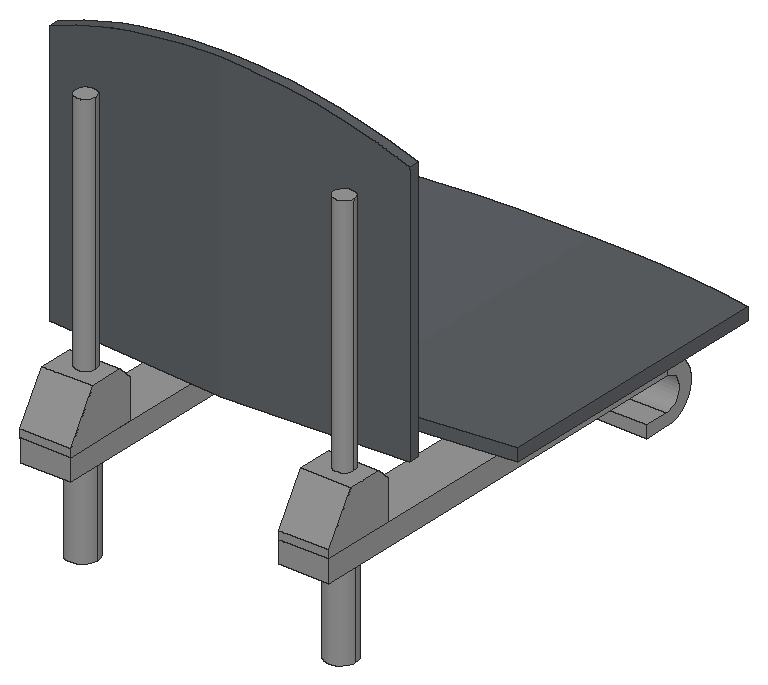
Revit family "KEUCO_34981010037", category Allgemeines Modell, Revit 2016
Family settings
  Teiletyp = Normal
  Kann Basisbauteil für Bewehrung sein = Nein
  Bemaßung runder Anschluss = Durchmesser verwenden
  Arbeitsebenenbasiert = Ja
  Immer vertikal = Nein
  Beim Laden mit Abzugskörper schneiden = Nein
  Gemeinsam genutzt = Nein
  Raumberechnungspunkt = Nein
Parameters (values of type "34981170051")
  Verwendung = "CA / DU"  # constant formula
  URL = "https://www.keuco.com/de/produkte/sortiment/artikel/?pid=34981&oid=1&pgo=18&country=de&lang=de&vid=34981170051"
  Preisgruppe = ""
  Materialien bei Hersteller anfragen = "Anfrage zu:  objektmanagement@keuco.de"
  Material = Schwarzgrau
  Kategorie = ""
  Gewicht = 0
  Beschreibung = "zum Einhängen in Haltegriffe\r\nsowie Dusch- und Wannenhandläufe,\r\nSitzfläche nach oben klappbar,\r\nRückenlehne abnehmbar"
  Default Elevation = 1219.2 mm
  Serie = "Plan"  # constant formula
  Material Stahl = Aluminium 1100-H18
  Hersteller = "KEUCO"  # constant formula
  Assembly Code = ""
  Ausschreibungstext = "KEUCO PLAN CARE Klappsitz 34981170051\r\nweißer (RAL 9010) Klappsitz \r\naus Polypropylen \r\nin ästhetischem, funktionalem Design, \r\nzum Einhängen in Haltegriffe und Duschhandläufe\r\nfür sicheres Sitzen im Duschbereich,\r\nSitzträger als Design-Element aus\r\nsilber-eloxiertem Aluminium (E6 EV1),\r\nantistatisch, leichte Reinigung,\r\nmaterialschonende Aufhängung \r\ndurch integrierte Kunststoffschalen \r\nzum Haltegriff / Handlauf \r\nund Kunststoffpuffer zur Wandfliese,\r\nnach oben klappbarer Sitz belastbar bis 110 kg,\r\nBreite 362 mm, Länge der Sitzfläche 310 mm\r\nAusladung 489 mm\r\n\r\nZur Komplettierung des Artikels unbedingt\r\nerforderlich:\r\nArtikel aus dem Stangensystem Plan Care\r\n(Artikel-Nr. 34901 - 34915)"
  Artikelnummer = "34981170051"
Types (6, lengths in mm): name | URL | Materialien bei Hersteller anfragen | Material | Material Stahl | Ausschreibungstext | Artikelnummer
  34981010037 | "https://www.keuco.com/de/produkte/sortiment/artikel/?pid=34981&oid=1&pgo=18&country=de&lang=de&vid=34981010037" | "Request to:  objektmanagement@keuco.de" | Schwarzgrau | Stahl, verchromt | "KEUCO PLAN CARE Klappsitz 34981010037\r\nschwarzgrauer (RAL 7021) Klappsitz \r\naus Polypropylen \r\nin ästhetischem, funktionalem Design, \r\nzum Einhängen in Haltegriffe und Duschhandläufe\r\nfür sicheres Sitzen im Duschbereich,\r\nSitzträger als Design-Element hochglanzverchromt,\r\nantistatisch, leichte Reinigung,\r\nMaterialschonende Aufhängung \r\ndurch integrierte Kunststoffschalen \r\nzum Haltegriff / Handlauf \r\nund Kunststoffpuffer zur Wandfliese,\r\nnach oben klappbarer Sitz belastbar bis 110 kg,\r\nBreite 362 mm, Länge der Sitzfläche 310 mm\r\nAusladung 489 mm\r\n\r\nZur Komplettierung des Artikels unbedingt\r\nerforderlich:\r\nArtikel aus dem Stangensystem Plan Care\r\n(Artikel-Nr. 34901 - 34915)" | "34981010037"
  34981010038 | "https://www.keuco.com/de/produkte/sortiment/artikel/?pid=34981&oid=1&pgo=18&country=de&lang=de&vid=34981010038" | "Request to:  objektmanagement@keuco.de" | Lichtgrau (RAL 7035) | Stahl, verchromt | "KEUCO PLAN CARE Klappsitz 34981010038\r\nlichtgrauer (RAL 7035) Klappsitz \r\naus Polypropylen \r\nin ästhetischem, funktionalem Design, \r\nzum Einhängen in Haltegriffe und Duschhandläufe\r\nfür sicheres Sitzen im Duschbereich,\r\nSitzträger als Design-Element hochglanzverchromt,\r\nantistatisch, leichte Reinigung,\r\nMaterialschonende Aufhängung \r\ndurch integrierte Kunststoffschalen \r\nzum Haltegriff / Handlauf \r\nund Kunststoffpuffer zur Wandfliese,\r\nnach oben klappbarer Sitz belastbar bis 110 kg,\r\nBreite 362 mm, Länge der Sitzfläche 310 mm\r\nAusladung 489 mm\r\n\r\nZur Komplettierung des Artikels unbedingt\r\nerforderlich:\r\nArtikel aus dem Stangensystem Plan Care\r\n(Artikel-Nr. 34901 - 34915)" | "34981010038"
  34981010051 | "https://www.keuco.com/de/produkte/sortiment/artikel/?pid=34981&oid=1&pgo=18&country=de&lang=de&vid=34981010051" | "Request to:  objektmanagement@keuco.de" | Weiß (RAL 9010) | Stahl, verchromt | "KEUCO PLAN CARE Klappsitz 34981010051\r\nweißer (RAL 9010) Klappsitz \r\naus Polypropylen \r\nin ästhetischem, funktionalem Design, \r\nzum Einhängen in Haltegriffe und Duschhandläufe\r\nfür sicheres Sitzen im Duschbereich,\r\nSitzträger als Design-Element hochglanzverchromt,\r\nantistatisch, leichte Reinigung,\r\nMaterialschonende Aufhängung \r\ndurch integrierte Kunststoffschalen \r\nzum Haltegriff / Handlauf \r\nund Kunststoffpuffer zur Wandfliese,\r\nnach oben klappbarer Sitz belastbar bis 110 kg,\r\nBreite 362 mm, Länge der Sitzfläche 310 mm\r\nAusladung 489 mm\r\n\r\nZur Komplettierung des Artikels unbedingt\r\nerforderlich:\r\nArtikel aus dem Stangensystem Plan Care\r\n(Artikel-Nr. 34901 - 34915)" | "34981010051"
  34981170037 | "https://www.keuco.com/de/produkte/sortiment/artikel/?pid=34981&oid=1&pgo=18&country=de&lang=de&vid=34981170037" | "Request to:  objektmanagement@keuco.de" | Schwarzgrau | Aluminium 1100-H18 | "KEUCO PLAN CARE Klappsitz 34981170037\r\nschwarzgrauer (RAL 7021) Klappsitz \r\naus Polypropylen \r\nin ästhetischem, funktionalem Design, \r\nzum Einhängen in Haltegriffe und Duschhandläufe\r\nfür sicheres Sitzen im Duschbereich,\r\nSitzträger als Design-Element aus\r\nsilber-eloxiertem Aluminium (E6 EV1),\r\nantistatisch, leichte Reinigung,\r\nmaterialschonende Aufhängung \r\ndurch integrierte Kunststoffschalen \r\nzum Haltegriff / Handlauf \r\nund Kunststoffpuffer zur Wandfliese,\r\nnach oben klappbarer Sitz belastbar bis 110 kg,\r\nBreite 362 mm, Länge der Sitzfläche 310 mm\r\nAusladung 489 mm\r\n\r\nZur Komplettierung des Artikels unbedingt\r\nerforderlich:\r\nArtikel aus dem Stangensystem Plan Care\r\n(Artikel-Nr. 34901 - 34915)" | "34981170037"
  34981170038 | "https://www.keuco.com/de/produkte/sortiment/artikel/?pid=34981&oid=1&pgo=18&country=de&lang=de&vid=34981170038" | "Request to:  objektmanagement@keuco.de" | Lichtgrau (RAL 7035) | Aluminium 1100-H18 | "KEUCO PLAN CARE Klappsitz 34981170038\r\nlichtgrauer (RAL 7035) Klappsitz \r\naus Polypropylen \r\nin ästhetischem, funktionalem Design, \r\nzum Einhängen in Haltegriffe und Duschhandläufe\r\nfür sicheres Sitzen im Duschbereich,\r\nSitzträger als Design-Element aus\r\nsilber-eloxiertem Aluminium (E6 EV1),\r\nantistatisch, leichte Reinigung,\r\nmaterialschonende Aufhängung \r\ndurch integrierte Kunststoffschalen \r\nzum Haltegriff / Handlauf \r\nund Kunststoffpuffer zur Wandfliese,\r\nnach oben klappbarer Sitz belastbar bis 110 kg,\r\nBreite 362 mm, Länge der Sitzfläche 310 mm\r\nAusladung 489 mm\r\n\r\nZur Komplettierung des Artikels unbedingt\r\nerforderlich:\r\nArtikel aus dem Stangensystem Plan Care\r\n(Artikel-Nr. 34901 - 34915)" | "34981170038"
  34981170051 | "https://www.keuco.com/de/produkte/sortiment/artikel/?pid=34981&oid=1&pgo=18&country=de&lang=de&vid=34981170051" | "Anfrage zu:  objektmanagement@keuco.de" | Schwarzgrau | Aluminium 1100-H18 | "KEUCO PLAN CARE Klappsitz 34981170051\r\nweißer (RAL 9010) Klappsitz \r\naus Polypropylen \r\nin ästhetischem, funktionalem Design, \r\nzum Einhängen in Haltegriffe und Duschhandläufe\r\nfür sicheres Sitzen im Duschbereich,\r\nSitzträger als Design-Element aus\r\nsilber-eloxiertem Aluminium (E6 EV1),\r\nantistatisch, leichte Reinigung,\r\nmaterialschonende Aufhängung \r\ndurch integrierte Kunststoffschalen \r\nzum Haltegriff / Handlauf \r\nund Kunststoffpuffer zur Wandfliese,\r\nnach oben klappbarer Sitz belastbar bis 110 kg,\r\nBreite 362 mm, Länge der Sitzfläche 310 mm\r\nAusladung 489 mm\r\n\r\nZur Komplettierung des Artikels unbedingt\r\nerforderlich:\r\nArtikel aus dem Stangensystem Plan Care\r\n(Artikel-Nr. 34901 - 34915)" | "34981170051"
Reference planes
  plane 1 "Center (Front/Back)": y = 0
  plane 2: z = 0
  plane 3 "Center (Left/Right)": x = 0
  plane 4: x = -155
  plane 5: x = 155
  plane 6: x = -130
  plane 7: x = 130
  plane 8: z = 116.982
  plane 9: y = 425
  plane 10: z = 75
  plane 11: z = 489
  plane 12: z = 95
  plane 13: x = -104.616
  plane 14: x = 104.616
  plane 15: x = -181
  plane 16: x = 181
Forms (mm)
  Extrusion 1, solid, material "Aluminium 1100-H18" <- "Material Stahl"
    sketch origin (0, 50, 0) x (1, 0, 0) y (0, 1, 0)
      loop
        circle (-130, -3.146) r 15
    from 0 to 95
  Extrusion 2, solid, material "Aluminium 1100-H18" <- "Material Stahl"
    sketch origin (0, 50, 0) x (-1, 0, 0) y (0, -1, 0)
      loop
        circle (-130, 3.146) r 15
    from 0 to 95
  Extrusion 3, solid, material "Aluminium 1100-H18" <- "Material Stahl"
    sketch origin (0, 0, 0) x (1, 0, 0) y (0, 0, 1)
      loop
        line (-104.616, 95) -> (-104.616, 116.982) -> (-155, 116.982) -> (-155, 95) -> (-104.616, 95)
    from -425 to 0
  Extrusion 4, solid, material "Aluminium 1100-H18" <- "Material Stahl"
    sketch origin (0, 0, 0) x (0, 1, 0) y (0, 0, 1)
      loop
        line (425, 61.897) -> (400, 61.897) -> (400, 50) -> (425, 50)
        arc (425, 50) -> (455, 80) -> (425, 110) r 30
        line (425, 110) -> (425, 95)
        arc (425, 95) -> (441.551, 78.449) -> (425, 61.897) r 16.551
    from -155 to -104.616
  Extrusion 5, solid, material "Aluminium 1100-H18" <- "Material Stahl"
    sketch origin (0, 0, 0) x (0, 1, 0) y (0, 0, 1)
      loop
        line (75, 116.982) -> (75, 156.982) -> (62.637, 169.345) -> (27.637, 169.345) -> (0, 125.117) -> (0, 116.982) -> (75, 116.982)
    from -155 to -104.616
  Extrusion 6, solid, material "Aluminium 1100-H18" <- "Material Stahl"
    sketch origin (0, 0, 0) x (0, 1, 0) y (0, 0, -1)
      loop
        arc (425, -61.897) -> (441.551, -78.449) -> (425, -95) r 16.551
        line (425, -95) -> (425, -110)
        arc (425, -110) -> (455, -80) -> (425, -50) r 30
        line (425, -50) -> (400, -50) -> (400, -61.897) -> (425, -61.897)
    from -155 to -104.616
  Extrusion 7, solid, material "Aluminium 1100-H18" <- "Material Stahl"
    sketch origin (0, 0, 0) x (0, 1, 0) y (0, 0, -1)
      loop
        line (75, -116.982) -> (0, -116.982) -> (0, -125.117) -> (27.637, -169.345) -> (62.637, -169.345) -> (75, -156.982) -> (75, -116.982)
    from -155 to -104.616
  Extrusion 8, solid, material "Aluminium 1100-H18" <- "Material Stahl"
    sketch origin (0, 0, 0) x (-1, 0, 0) y (0, 0, -1)
      loop
        line (-104.616, -95) -> (-155, -95) -> (-155, -116.982) -> (-104.616, -116.982) -> (-104.616, -95)
    from -425 to 0
  Extrusion 9, solid, material "Aluminium 1100-H18" <- "Material Stahl"
    sketch origin (0, 5, 0) x (1, 0, 0) y (0, 1, 0)
      loop
        circle (-130, 45.876) r 10
    from 169.345 to 413.898
  Extrusion 10, solid, material "Aluminium 1100-H18" <- "Material Stahl"
    sketch origin (0, 5, 0) x (-1, 0, 0) y (0, -1, 0)
      loop
        circle (-130, -45.876) r 10
    from 169.345 to 413.898
  Extrusion 11, solid, material "Schwarzgrau" <- "Material"
    sketch origin (-3.102, 0, -82.579) x (1, 0, 0) y (0, 0, 1)
      loop
        arc (-177.898, 204.476) -> (3.163, 192.836) -> (184.102, 206.247) r 1314.11
        line (184.102, 206.247) -> (184.102, 219.003)
        arc (184.102, 219.003) -> (3.167, 205.004) -> (-177.898, 217.204) r 1257.002
        line (-177.898, 217.204) -> (-177.898, 204.476)
    from -525.073 to -205
  Extrusion 12, void
    sketch origin (0, 0, 0) x (1, 0, 0) y (0, 1, 0)
      loop
        line (181, 495) -> (199.795, 495) -> (199.795, 550) -> (-196, 550) -> (-196, 495) -> (-181, 495)
        arc (-181, 495) -> (0, 525.073) -> (181, 495) r 559.724
    from 0 to 250
  Extrusion 13, solid, material "Schwarzgrau" <- "Material"
    sketch origin (0, 0, 0) x (1, 0, 0) y (0, 1, 0)
      loop
        arc (-181, 70) -> (0, 58.136) -> (181, 70) r 1386.663
        line (181, 70) -> (181, 80)
        arc (181, 80) -> (0, 67.857) -> (-181, 80) r 1355.059
        line (-181, 80) -> (-181, 70)
    from 182.75 to 489
  Extrusion 14, void
    sketch origin (0, 0, 0) x (1, 0, 0) y (0, 0, 1)
      loop
        arc (-181, 449) -> (0, 489) -> (181, 449) r 429.512
        line (181, 449) -> (196, 449) -> (196, 514) -> (-194, 514) -> (-194, 449) -> (-181, 449)
    from -106.405 to -27.637
Cuts and joins
  Extrusion 12 cuts Extrusion 11
  Extrusion 14 cuts Extrusion 13
Dimensions and locks
  equal spacing: plane 5, plane 3 "Center (Left/Right)", plane 4
  locked: plane 6 to plane 4 at 25
  locked: plane 5 to plane 7 at 25
  plane 9 to plane 1 "Center (Front/Back)" = 425 mm  (x2)
  plane 10 to plane 2 = 75 mm
  plane 10 to plane 11 = 414 mm
  locked: plane 10 to plane 12 at 20
  plane 5 to plane 14 to plane 13 to plane 4 = 50.384 mm locked, 209.232 mm, 50.384 mm locked
  locked: plane 16 to plane 5 at 26
  locked: plane 4 to plane 15 at 26
  plane 16 to plane 15 = 362 mm
  plane 3 "Center (Left/Right)" to plane 15 = 181 mm
  aligned and locked: level to plane 2
  aligned and locked: Extrusion 1 to plane 12
  aligned and locked: plane 9 to Extrusion 3
  aligned and locked: plane 1 "Center (Front/Back)" to Extrusion 3
  aligned and locked: plane 8 to Extrusion 3
  aligned and locked: Extrusion 3 to Extrusion 1
  aligned and locked: plane 13 to Extrusion 3
  aligned and locked: Extrusion 5 to plane 4
  aligned and locked: Extrusion 5 to plane 13
  aligned and locked: Extrusion 4 to plane 4
  aligned and locked: Extrusion 4 to plane 13
  aligned and locked: plane 14 to Extrusion 7  (x2)
  aligned and locked: plane 14 to Extrusion 6  (x2)
  aligned and locked: plane 5 to Extrusion 7
  aligned and locked: plane 5 to Extrusion 6
  aligned and locked: Extrusion 6 to plane 14
  aligned and locked: plane 8 to Extrusion 8
  aligned and locked: plane 12 to Extrusion 8
  aligned and locked: plane 5 to Extrusion 8
  aligned and locked: Extrusion 8 to plane 14
  aligned and locked: Extrusion 9 to Extrusion 5
  aligned and locked: Extrusion 10 to Extrusion 7
  aligned and locked: Extrusion 11 to plane 15
  aligned and locked: plane 16 to Extrusion 11
  aligned and locked: Extrusion 13 to plane 15
  aligned and locked: Extrusion 13 to plane 11
  aligned and locked: Extrusion 13 to plane 16
Automatic sketch dimensions
  Extrusion 1 sketch curve to plane 6 = 0 mm
  Extrusion 1 sketch curve to plane 1 "Center (Front/Back)" = 46.854 mm
  Extrusion 2 sketch curve to plane 7 = 0 mm
  plane 1 "Center (Front/Back)" to Extrusion 2 sketch curve = 46.854 mm
  Extrusion 3 sketch curve to plane 4 = 0 mm
  Extrusion 3 sketch curve to plane 8 = 0 mm
  plane 13 to Extrusion 3 sketch curve = 0 mm
  Extrusion 3 sketch curve to plane 12 = 0 mm
  Extrusion 4 sketch curve to plane 9 = 0 mm
  plane 12 to Extrusion 4 sketch curve = 0 mm
  Extrusion 4 sketch curve to Extrusion 4 sketch curve = 25 mm
  Extrusion 4 sketch curve to plane 10 = 5 mm
  Extrusion 4 sketch curve to Extrusion 4 sketch curve = 1.551 mm
  Extrusion 4 sketch curve to Extrusion 4 sketch curve = 11.897 mm
  Extrusion 5 sketch curve to plane 1 "Center (Front/Back)" = 0 mm
  plane 8 to Extrusion 5 sketch curve = 0 mm
  Extrusion 5 sketch curve to plane 1 "Center (Front/Back)" = 27.637 mm
  Extrusion 5 sketch curve to Extrusion 5 sketch curve = 35 mm
  Extrusion 5 sketch curve to Extrusion 5 sketch curve = 12.363 mm  (x2)
  Extrusion 5 sketch curve to Extrusion 5 sketch curve = 8.136 mm
  Extrusion 5 sketch curve to Extrusion 5 sketch curve = 40 mm
  Extrusion 6 sketch curve to plane 9 = 0 mm
  plane 12 to Extrusion 6 sketch curve = 0 mm
  Extrusion 6 sketch curve to Extrusion 6 sketch curve = 25 mm
  Extrusion 6 sketch curve to plane 8 = 6.982 mm
  Extrusion 6 sketch curve to plane 10 = 5 mm
  Extrusion 6 sketch curve to Extrusion 6 sketch curve = 1.551 mm
  Extrusion 7 sketch curve to plane 1 "Center (Front/Back)" = 0 mm
  Extrusion 7 sketch curve to plane 8 = 0 mm
  Extrusion 7 sketch curve to plane 1 "Center (Front/Back)" = 27.637 mm
  Extrusion 7 sketch curve to Extrusion 7 sketch curve = 35 mm
  Extrusion 7 sketch curve to Extrusion 7 sketch curve = 12.363 mm  (x2)
  Extrusion 7 sketch curve to Extrusion 7 sketch curve = 8.136 mm
  Extrusion 7 sketch curve to Extrusion 7 sketch curve = 40 mm
  Extrusion 8 sketch curve to plane 5 = 0 mm
  Extrusion 8 sketch curve to plane 8 = 0 mm
  Extrusion 8 sketch curve to plane 14 = 0 mm
  Extrusion 8 sketch curve to plane 12 = 0 mm
  Extrusion 9 sketch curve to plane 6 = 0 mm
  Extrusion 9 sketch curve to plane 1 "Center (Front/Back)" = 50.876 mm
  Extrusion 10 sketch curve to plane 7 = 0 mm
  plane 1 "Center (Front/Back)" to Extrusion 10 sketch curve = 50.876 mm
  plane 15 to Extrusion 11 sketch curve = 0 mm
  plane 15 to Extrusion 11 sketch curve = 174.632 mm
  Extrusion 11 sketch curve to Extrusion 11 sketch curve = 0.185 mm
  plane 15 to Extrusion 11 sketch curve = 362 mm
  plane 11 to Extrusion 11 sketch curve = 367.104 mm
  Extrusion 11 sketch curve to Extrusion 11 sketch curve = 1.771 mm
  Extrusion 11 sketch curve to Extrusion 11 sketch curve = 12.728 mm
  Extrusion 11 sketch curve to Extrusion 11 sketch curve = 12.756 mm
  Extrusion 12 sketch curve to plane 15 = 0 mm
  Extrusion 12 sketch curve to plane 3 "Center (Left/Right)" = 0 mm
  Extrusion 12 sketch curve to plane 16 = 0 mm
  Extrusion 12 sketch curve to plane 15 = 15 mm
  plane 16 to Extrusion 12 sketch curve = 18.795 mm
  plane 1 "Center (Front/Back)" to Extrusion 12 sketch curve = 34.65 mm
  plane 9 to Extrusion 12 sketch curve = 70 mm
  Extrusion 12 sketch curve to Extrusion 12 sketch curve = 55 mm
  Extrusion 13 sketch curve to plane 15 = 0 mm
  Extrusion 13 sketch curve to plane 3 "Center (Left/Right)" = 0 mm  (x2)
  Extrusion 13 sketch curve to plane 16 = 0 mm
  Extrusion 13 sketch curve to plane 1 "Center (Front/Back)" = 70 mm
  Extrusion 13 sketch curve to Extrusion 13 sketch curve = 10 mm
  plane 9 to Extrusion 13 sketch curve = 997.916 mm
  Extrusion 13 sketch curve to Extrusion 13 sketch curve = 21.884 mm
  Extrusion 14 sketch curve to plane 15 = 0 mm
  Extrusion 14 sketch curve to plane 3 "Center (Left/Right)" = 0 mm
  Extrusion 14 sketch curve to plane 16 = 0 mm
  Extrusion 14 sketch curve to plane 15 = 13 mm
  plane 16 to Extrusion 14 sketch curve = 15 mm
  plane 10 to Extrusion 14 sketch curve = 15.512 mm
  plane 11 to Extrusion 14 sketch curve = 40 mm
  Extrusion 14 sketch curve to plane 11 = 25 mm
  radius of Extrusion 1 sketch curve = 15 mm
  radius of Extrusion 2 sketch curve = 15 mm
  radius of Extrusion 9 sketch curve = 10 mm
  radius of Extrusion 10 sketch curve = 10 mm
